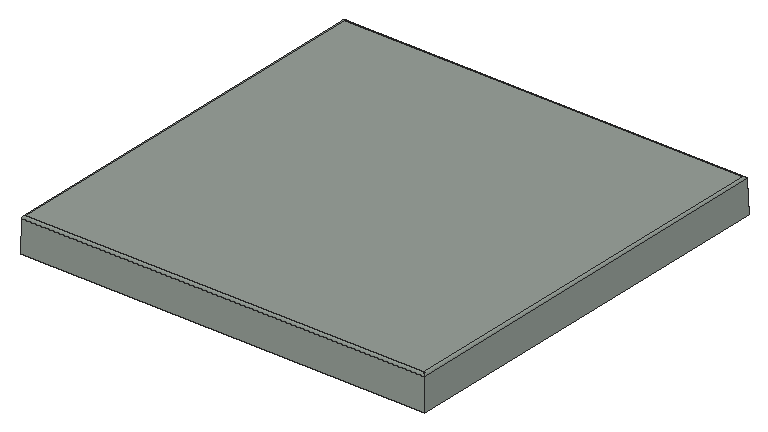
Revit family "928cda6c-69ab-4cbe-a6a4-9a93808bb3b5", category Site, Revit 2016
Family settings
  Part Type = Normal
  Round Connector Dimension = Use Diameter
  OmniClass Number = 23.10.00.00
  OmniClass Title = Site Products
  Work Plane-Based = No
  Always vertical = Yes
  Cut with Voids When Loaded = No
  Shared = No
Parameters (values of type "Standard")
  ecoScorecard data = ""
  ecoScorecard Product Page = ""
  Weight = 88.00 lbf  # constant formula
  Warranty = "5 Year Limited"  # constant formula
  Unit = Concrete - Stepstone - Agave1412
  URL = "stepstoneinc.com"
  Thickness = 2"  # constant formula
  Texture = "Sandblast"  # constant formula
  Technical Information = "http://www.stepstoneinc.com/docs/Stepstone_Product_Data_Sheet-Large_Scale_Narrow_Modular_Paver.pdf"
  Surface Finish = "Integral"  # constant formula
  Subcategory = "Large Scale CalArc"  # constant formula
  Revit Object Download Link = "http://library.smartbim.com/download/Paver-Large_Scale-Stepstone-CalArc-24X24X2"
  Product Page URL = "http://www.stepstoneinc.com/large-scale-narrow-modular-pavers.php"
  Product Name = "Large Scale CalArc Paver"  # constant formula
  Product Line = "Pavers"  # constant formula
  Nominal Width = 24"  # constant formula
  Nominal Length = 24"  # constant formula
  Model = "24In x 24In x 2In"  # constant formula
  Material = "Precast Concrete"  # constant formula
  Manufacturer Toll Free Phone = "800.572.9029"  # constant formula
  Manufacturer Phone = "310.327.7474"  # constant formula
  Manufacturer Fax = "310.217.1424"  # constant formula
  Manufacturer Email = "mailto:sales@stepstoneinc.com"
  Manufacturer Address = "13254 S Figueroa St, Los Angeles 90061"  # constant formula
  Manufacturer = "Stepstone, Inc"  # constant formula
  Maintenance URL = ""
  Installation URL = ""
  Description = "Precast Concrete Paver"  # constant formula
  Cost Info = ""
  Color Availability = "Standard & Custom"  # constant formula
  95 CSI = ""
  04 CSI = ""
Reference planes (in)
  plane 1 "Center Front/Back": y = 0
  plane 2: z = 0
  plane 3 "Center Left/Right": x = 0
  plane 4: x = -12
  plane 5: x = 12
  plane 6: y = 12
  plane 7: y = -12
  plane 8: z = 2
Dimensions and locks (in)
  equal spacing: plane 4, plane 3 "Center Left/Right", plane 5
  "Nominal Width": plane 4 to plane 5
  equal spacing: plane 7, plane 1 "Center Front/Back", plane 6
  "Nominal Length": plane 6 to plane 7
  plane 5 to plane 4 = 24"
  plane 6 to plane 7 = 24"
  plane 8 to level = 2"
  aligned and locked: level to plane 2
  aligned and locked: plane 3 "Center Left/Right" to nested 1
  aligned and locked: plane 1 "Center Front/Back" to nested 1
Nested families (in)
  nested 1: "24X24X2" at (0, 0, 0), type "24X24X2"
    with Width 24", Depth 24"
Definition of nested family "24X24X2"
  Parameters
    Width = 18"
    Unit = none
    Thickness = 2"
    Depth = 18"
  Reference planes (in)
    plane 1 "Center (Front/Back)": y = 0
    plane 2: z = 0
    plane 3 "Center (Left/Right)": x = 0
    plane 4: x = -9
    plane 5: x = 9
    plane 6: y = 9
    plane 7: y = -9
    plane 8: z = 2
  Forms (in)
    Sweep 1, solid, material <- "Unit"
      path origin (0, 0, 0) x (1, 0, 0) y (0, 1, 0)
        loop
          line (-8.9375, 8.9375) -> (-8.9375, -8.9375) -> (8.9375, -8.9375) -> (8.9375, 8.9375) -> (-8.9375, 8.9375)
      profile origin (0, 8.9375, 0) x (0, 1, 0) y (0, 0, 1)
        loop
          line (0, 0) -> (-0.0459, 1.87815)
          arc (-0.0459, 1.87815) -> (-0.08353, 1.96449) -> (-0.17076, 2) r 0.1249
          line (-0.17076, 2) -> (-0.27723, 2) -> (-0.27723, 0) -> (0, 0)
    Extrusion 2, solid, material <- "Unit"
      sketch origin (0, 0, 0) x (1, 0, 0) y (0, 1, 0)
        loop
          line (-8.66027, 8.66027) -> (-8.66027, -8.66027) -> (8.66027, -8.66027) -> (8.66027, 8.66027) -> (-8.66027, 8.66027)
      from 0 to 2
  Cuts and joins
    joined: Sweep 1, Extrusion 2
  Lines and regions (in)
    Masking region 1
      outline origin (0, 0, 0) x (1, 0, 0) y (0, 1, 0)
        loop
          line (-8.9375, 8.9375) -> (-8.9375, -8.9375) -> (8.9375, -8.9375) -> (8.9375, 8.9375) -> (-8.9375, 8.9375)
    Masking region 2
      outline origin (0, 0, 0) x (1, 0, 0) y (0, 0, 1)
        loop
          line (-8.89142, 1.88568) -> (-8.9375, 0) -> (8.9375, 0) -> (8.89146, 1.88379)
          arc (8.89146, 1.88379) -> (8.85557, 1.96613) -> (8.77238, 2) r 0.11912
          line (8.77238, 2) -> (-8.77426, 2)
          arc (-8.77426, 2) -> (-8.85611, 1.96668) -> (-8.89142, 1.88568) r 0.11719
    Masking region 3
      outline origin (0, 0, 0) x (0, 1, 0) y (0, 0, 1)
        loop
          line (8.9375, 0) -> (8.89188, 1.86656)
          arc (8.89188, 1.86656) -> (8.85067, 1.96111) -> (8.75514, 2) r 0.13678
          line (8.75514, 2) -> (-8.77272, 2)
          arc (-8.77272, 2) -> (-8.85567, 1.96623) -> (-8.89145, 1.88414) r 0.11876
          line (-8.89145, 1.88414) -> (-8.9375, 0) -> (8.9375, 0)
  Dimensions and locks (in)
    equal spacing: plane 6, plane 1 "Center (Front/Back)", plane 7
    equal spacing: plane 4, plane 3 "Center (Left/Right)", plane 5
    "Width": plane 5 to plane 4
    "Depth": plane 6 to plane 7
    "Thickness": plane 8 to level
    aligned and locked: plane 2 to level
    aligned and locked: plane 8 to Masking region 2
    aligned and locked: Sweep 1 sketch curve to plane 8
  Automatic sketch dimensions
    plane 4 to Sweep 1 sketch curve = 1/16"
    Sweep 1 sketch curve to plane 5 = 1/16"
    plane 7 to Sweep 1 sketch curve = 1/16"
    Sweep 1 sketch curve to plane 6 = 1/16"
    plane 4 to Extrusion 2 sketch curve = 0.33973"
    Extrusion 2 sketch curve to plane 5 = 0.33973"
    plane 7 to Extrusion 2 sketch curve = 0.33973"
    Extrusion 2 sketch curve to plane 6 = 0.33973"
    Sweep 1 sketch curve to level = 0"
    Sweep 1 sketch curve to profile plane = 0"
    profile plane to Sweep 1 sketch curve = 0.0459"
    Sweep 1 sketch curve to Sweep 1 sketch curve = 0.12486"
    Sweep 1 sketch curve to Sweep 1 sketch curve = 0.10647"
    Sweep 1 sketch curve to Sweep 1 sketch curve = 0.00305"
    plane 4 to Masking region 1 sketch curve = 1/16"
    Masking region 1 sketch curve to plane 5 = 1/16"
    plane 7 to Masking region 1 sketch curve = 1/16"
    Masking region 1 sketch curve to plane 6 = 1/16"
    plane 4 to Masking region 2 sketch curve = 1/16"
    plane 4 to Masking region 2 sketch curve = 0.10858"
    Masking region 2 sketch curve to Masking region 2 sketch curve = 0.11715"
    Masking region 2 sketch curve to plane 5 = 0.22762"
    Masking region 2 sketch curve to Masking region 2 sketch curve = 0.11908"
    Masking region 2 sketch curve to plane 5 = 1/16"
    level to Masking region 2 sketch curve = 1 113/128"
    level to Masking region 2 sketch curve = 1.88088"
    Masking region 2 sketch curve to Masking region 2 sketch curve = 0.00286"
    Masking region 2 sketch curve to level = 0"
    plane 7 to Masking region 3 sketch curve = 1/16"
    plane 7 to Masking region 3 sketch curve = 0.10855"
    Masking region 3 sketch curve to Masking region 3 sketch curve = 0.11873"
    Masking region 3 sketch curve to plane 6 = 0.24486"
    Masking region 3 sketch curve to plane 6 = 0.10812"
    Masking region 3 sketch curve to plane 6 = 1/16"
    level to Masking region 3 sketch curve = 1.86322"
    Masking region 3 sketch curve to Masking region 3 sketch curve = 0.00334"
    Masking region 3 sketch curve to Masking region 3 sketch curve = 0.11876"
    Masking region 3 sketch curve to level = 0"
